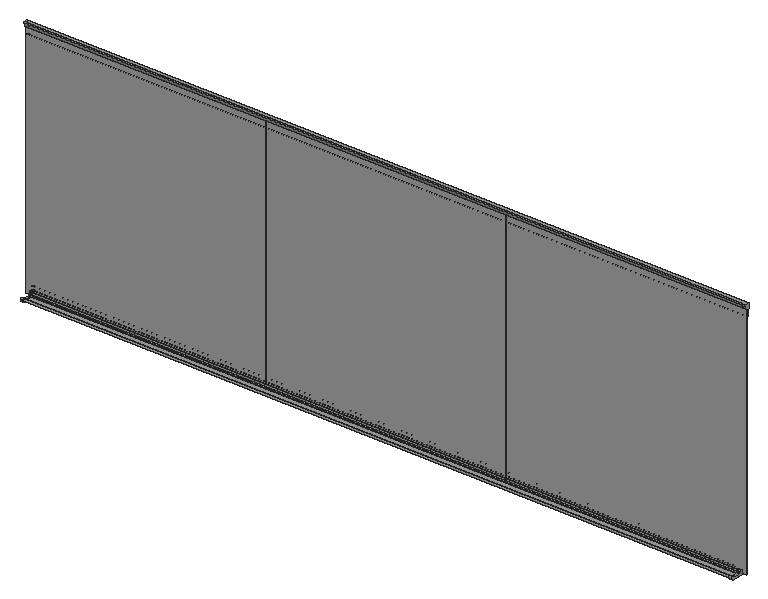
Revit family "Fluent Glass Wall 4x12", category Generic Models, Revit 2018
Family settings
  Can host rebar = No
  Round Connector Dimension = Use Diameter
  Part Type = Normal
  Work Plane-Based = No
  Always vertical = Yes
  Cut with Voids When Loaded = No
  Shared = No
  Room Calculation Point = No
Parameters
  Panel #3 = Fluent Glass Wall 4x12 Panel #3
  Panel #2 = Fluent Glass Wall 4x12 Panel #2
  Panel #1 = Fluent Glass Wall 4x12 Panel #1
Reference planes (in)
  plane 1 "Center (Front/Back)": y = 0
  plane 2: z = 0
  plane 3 "Center (Left/Right)": x = 0
Forms (in)
  Extrusion 1, solid, material "Fluent Glass Wall Trim Metal"
    sketch origin (-23.62205, 0, 18) x (0, 1, 0) y (0, 0, 1)
      loop
        line (-0.28802, 12.71551) -> (-0.28802, 12.22363) -> (-0.48802, 12.22363) -> (-0.48802, 12.77363) -> (-0.60087, 12.77363)
        arc (-0.60087, 12.77363) -> (-0.62209, 12.76485) -> (-0.63087, 12.74363) r 0.03
        line (-0.63087, 12.74363) -> (-0.63087, 12.45418)
        arc (-0.63087, 12.45418) -> (-0.67788, 12.32564) -> (-0.79672, 12.25776) r 0.19924
        arc (-0.79672, 12.25776) -> (-0.86084, 12.24904) -> (-0.92548, 12.24613) r 0.7187
        line (-0.92548, 12.24613) -> (-1.97548, 12.24613)
        arc (-1.97548, 12.24613) -> (-2.26159, 12.30205) -> (-2.50559, 12.4616) r 0.75985
        arc (-2.50559, 12.4616) -> (-2.80704, 12.55283) -> (-2.79142, 12.23827) r 0.19261
        arc (-2.79142, 12.23827) -> (-2.48945, 12.06146) -> (-2.14496, 12) r 0.99607
        line (-2.14496, 12) -> (0, 12) -> (0, 12.30193)
        arc (0, 12.30193) -> (-0.0275, 12.32943) -> (-0.055, 12.30193) r 0.0275
        line (-0.055, 12.30193) -> (-0.055, 12.20843) -> (-0.20802, 12.20843) -> (-0.20802, 12.69439) -> (-0.0848, 12.81762)
        arc (-0.0848, 12.81762) -> (-0.06815, 12.82253) -> (-0.055, 12.81121) r 0.01814
        line (-0.055, 12.81121) -> (-0.055, 12.65693)
        arc (-0.055, 12.65693) -> (-0.0275, 12.62943) -> (0, 12.65693) r 0.0275
        line (0, 12.65693) -> (0, 13.70847)
        arc (0, 13.70847) -> (-0.03996, 13.74843) -> (-0.07993, 13.70847) r 0.03996
        line (-0.07993, 13.70847) -> (-0.07993, 13.62094)
        arc (-0.07993, 13.62094) -> (-0.07047, 13.60109) -> (-0.05, 13.59302) r 0.03
        line (-0.05, 13.59302) -> (-0.05, 13.15338)
        arc (-0.05, 13.15338) -> (-0.07121, 13.14459) -> (-0.08, 13.12338) r 0.03
        line (-0.08, 13.12338) -> (-0.08, 12.92353) -> (-0.28802, 12.71551)
    from -46.26181 to 93.50591
  Extrusion 2, solid, material "Fluent Glass Wall Trim Metal"
    sketch origin (-23.62205, 0, -5.35978) x (0, 1, 0) y (0, 0, 1)
      loop
        line (0, 83.35978) -> (-0.645, 83.35978)
        arc (-0.645, 83.35978) -> (-0.73852, 83.31739) -> (-0.76829, 83.21911) r 0.12436
        arc (-0.76829, 83.21911) -> (-0.57148, 82.66433) -> (-0.166, 82.23759) r 1.41542
        line (-0.166, 82.23759) -> (-0.166, 82.19574)
        arc (-0.166, 82.19574) -> (-0.16235, 82.17737) -> (-0.15194, 82.1618) r 0.048
        line (-0.15194, 82.1618) -> (-0.1, 82.10985) -> (-0.1, 81.00078)
        arc (-0.1, 81.00078) -> (-0.05, 80.95078) -> (0, 81.00078) r 0.05
        line (0, 81.00078) -> (0, 83.35978)
    from -47.24409 to 94.48819
  Extrusion 3, solid, material "Fluent Glass Wall 4x12 Panel #2" <- "Panel #2"
    sketch origin (-23.62205, 0, -5.35978) x (0, 1, 0) y (0, 0, 1)
      loop
        line (-0.48802, 35.58341) -> (-0.28802, 35.58341) -> (-0.28802, 83.08978) -> (-0.48802, 83.08978) -> (-0.48802, 35.58341)
    from 0 to 47.24409
  Extrusion 4, solid, material "Fluent Glass Wall 4x12 Panel #1" <- "Panel #1"
    sketch origin (-23.62205, 0, -5.35978) x (0, 1, 0) y (0, 0, -1)
      loop
        line (-0.48802, -35.58341) -> (-0.48802, -83.08978) -> (-0.28802, -83.08978) -> (-0.28802, -35.58341) -> (-0.48802, -35.58341)
    from 0 to 47.24409
  Extrusion 5, solid, material "Fluent Glass Wall Trim Black"
    sketch origin (-23.62205, 0, 18) x (0, 1, 0) y (0, 0, -1)
      loop
        line (-0.48802, -12.80488) -> (-0.48802, -11.96875) -> (-2.14496, -11.96875)
        arc (-2.14496, -11.96875) -> (-2.49924, -12.03177) -> (-2.81005, -12.2131) r 1.02732
        arc (-2.81005, -12.2131) -> (-2.82851, -12.57569) -> (-2.47857, -12.47895) r 0.22386
        arc (-2.47857, -12.47895) -> (-2.24646, -12.32965) -> (-1.97548, -12.27738) r 0.7286
        line (-1.97548, -12.27738) -> (-0.92548, -12.27738)
        arc (-0.92548, -12.27738) -> (-0.86355, -12.28017) -> (-0.80213, -12.28853) r 0.68745
        arc (-0.80213, -12.28853) -> (-0.70181, -12.34573) -> (-0.66212, -12.45418) r 0.16799
        line (-0.66212, -12.45418) -> (-0.66212, -12.74363)
        arc (-0.66212, -12.74363) -> (-0.64418, -12.78694) -> (-0.60087, -12.80488) r 0.06125
        line (-0.60087, -12.80488) -> (-0.48802, -12.80488)
    from 45.75863 to 46.29027
  Extrusion 6, solid, material "Fluent Glass Wall 4x12 Panel #3" <- "Panel #3"
    sketch origin (23.62205, 0, -5.35978) x (0, 1, 0) y (0, 0, 1)
      loop
        line (-0.48802, 35.58341) -> (-0.28802, 35.58341) -> (-0.28802, 83.08978) -> (-0.48802, 83.08978) -> (-0.48802, 35.58341)
    from 0 to 47.24409
  Extrusion 7, solid, material "Fluent Glass Wall Trim Black"
    sketch origin (23.62205, 0, 18) x (0, 1, 0) y (0, 0, 1)
      loop
        line (-0.48802, 12.80488) -> (-0.60087, 12.80488)
        arc (-0.60087, 12.80488) -> (-0.64418, 12.78694) -> (-0.66212, 12.74363) r 0.06125
        line (-0.66212, 12.74363) -> (-0.66212, 12.45418)
        arc (-0.66212, 12.45418) -> (-0.70181, 12.34573) -> (-0.80213, 12.28853) r 0.16799
        arc (-0.80213, 12.28853) -> (-0.86355, 12.28017) -> (-0.92548, 12.27738) r 0.68745
        line (-0.92548, 12.27738) -> (-1.97548, 12.27738)
        arc (-1.97548, 12.27738) -> (-2.24646, 12.32965) -> (-2.47857, 12.47895) r 0.7286
        arc (-2.47857, 12.47895) -> (-2.82851, 12.57569) -> (-2.81005, 12.2131) r 0.22386
        arc (-2.81005, 12.2131) -> (-2.49924, 12.03177) -> (-2.14496, 11.96875) r 1.02732
        line (-2.14496, 11.96875) -> (-0.48802, 11.96875) -> (-0.48802, 12.80488)
    from 45.75863 to 46.29027
Dimensions and locks (in)
  aligned and locked: plane 2 to level
